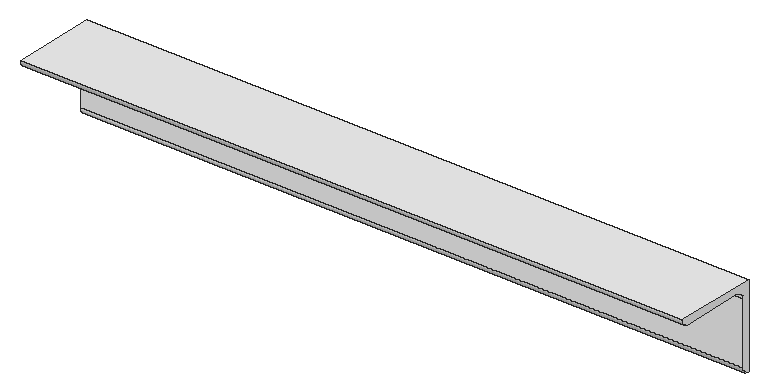
Revit family "Ângulos iguais em L", category Quadro estrutural, Revit 2019
Family settings
  Arredondamento do comprimento do framing estrutural = 1 mm
  Forma do corte = Não definido
  Material para o comportamento do modelo = Aço
  Exportar sempre como geometria = Não
  Sempre na vertical = Sim
  Corte com vazios quando carregada = Não
  Representação simbólica = Das configurações de projeto
  Compartilhado = Não
  Exibir o pré-corte da família na vista da planta = Sim
Parameters (values of type "L152X152X12.7")
  W = 0.0292
  Structural Material [instance] = Metal - Aço 345 MPa
  Length [instance] = 1524 mm
  b = 152 mm
  d = 152 mm
  t = 12.7 mm
  x = 42.7 mm
  y = 42.7 mm
  A = 0.004 m²
Reference planes
  plane 1 "Centro (Frente/Trás)": y = 0
  plane 2: z = 0
  plane 3 "Centro (Esquerda/Direita)": x = 4.61
  plane 4 "Membro esquerdo": x = -604.99
  plane 5 "Membro direito": x = 614.21
  plane 6: y = 42.7
  plane 7: y = -109.3
  plane 8 "Superior": z = 42.7
  plane 9: z = -109.3
  plane 10 "Esquerda": x = -757.39
  plane 11 "Direita": x = 766.61
Forms (mm)
  Sweep 1, solid, material "Metal - Aço 345 MPa" <- "Structural Material", detail levels medium
    path origin (0, 0, 0) x (1, 0, 0) y (0, 1, 0)
      loop
        line (614.21, 0) -> (-604.99, 0)
    profile "Ângulo L-Perfil-Médio : Ângulo L-Perfil-Médio" origin (4.61, 0, 0) x (0, -1, 0) y (0, 0, 1)
      loop
        line (-42.7, -109.3) -> (-30, -109.3) -> (-30, 30) -> (109.3, 30) -> (109.3, 42.7) -> (-42.7, 42.7) -> (-42.7, -109.3)
  Sweep 2, solid, material "Metal - Aço 345 MPa" <- "Structural Material", detail levels fine
    path origin (0, 0, 0) x (1, 0, 0) y (0, 1, 0)
      loop
        line (614.21, 0) -> (-604.99, 0)
    profile "Perfil-Ângulo-L-Alto : Perfil-Ângulo-L-Alto" origin (4.61, 0, 0) x (0, -1, 0) y (0, 0, 1)
      loop
        arc (-42.7, -109.3) -> (-33.72, -105.58) -> (-30, -96.6) r 12.7
        line (-30, -96.6) -> (-30, 17.3)
        arc (-30, 17.3) -> (-26.28, 26.28) -> (-17.3, 30) r 12.7
        line (-17.3, 30) -> (96.6, 30)
        arc (96.6, 30) -> (105.58, 33.72) -> (109.3, 42.7) r 12.7
        line (109.3, 42.7) -> (-42.7, 42.7) -> (-42.7, -109.3)
Lines and regions (mm)
  symbolic lines, style "Faces ocultas", detail levels medium+fine
    curve 1: line (-604.99, 0, 30) -> (614.21, 0, 30)
    curve 2: line (-604.99, 30, 0) -> (614.21, 30, 0)
  symbolic lines, style "Símbolos de vara", detail levels coarse
    curve 3: line (4.61, 42.7, 42.7) -> (4.61, -109.3, 42.7)
    curve 4: line (4.61, 42.7, -109.3) -> (4.61, 42.7, 42.7)
Dimensions and locks
  "b": plane 6 to plane 7
  "d": plane 9 to plane 8 "Superior"
  "x": plane 6 to plane 1 "Centro (Frente/Trás)"
  "y": plane 8 "Superior" to plane 2
  "Length": plane 10 "Esquerda" to plane 11 "Direita"
  "t": plane 6 to curve 2
  aligned and locked: Sweep 1 sketch curve to plane 1 "Centro (Frente/Trás)"
  aligned and locked: Sweep 2 sketch curve to plane 1 "Centro (Frente/Trás)"
  aligned and locked: Sweep 1 to curve 3
  aligned and locked: curve 4 to Sweep 1
  aligned and locked: curve 3 to Sweep 2
  aligned and locked: curve 4 to Sweep 2
  aligned and locked: curve 1 to Sweep 1
  aligned and locked: plane 4 "Membro esquerdo" to Sweep 1 sketch curve
  aligned and locked: plane 5 "Membro direito" to Sweep 1 sketch curve
  aligned and locked: plane 4 "Membro esquerdo" to Sweep 2 sketch curve
  aligned and locked: plane 5 "Membro direito" to Sweep 2 sketch curve
  aligned and locked: plane 4 "Membro esquerdo" to curve 1
  aligned and locked: plane 5 "Membro direito" to curve 1
  aligned and locked: plane 4 "Membro esquerdo" to curve 2
  aligned and locked: plane 5 "Membro direito" to curve 2
Types in the file's own list only (57): name | W | b | d | t | x | y | A
  L64x64x6.4 | 0.0061 | 64 mm | 64 mm | 6 mm | 18 mm | 18 mm | 0.00 m²
  L64x64x7.9 | 0.0074 | 64 mm | 64 mm | 8 mm | 19 mm | 19 mm | 0.00 m²
  L64x64x9.5 | 0.0088 | 64 mm | 64 mm | 10 mm | 19 mm | 19 mm | 0.00 m²
  L76x76x11.1 | 0.0091 | 76 mm | 76 mm | 11 mm | 22 mm | 22 mm | 0.00 m²
  L76x76x12.7 | 0.0107 | 76 mm | 76 mm | 13 mm | 23 mm | 23 mm | 0.00 m²
  L76x76x14.3 | 0.0124 | 76 mm | 76 mm | 14 mm | 23 mm | 23 mm | 0.00 m²
  L76x76x15.9 | 0.014 | 76 mm | 76 mm | 16 mm | 24 mm | 24 mm | 0.00 m²
  L102x102x9.5 | 0.0146 | 102 mm | 102 mm | 10 mm | 29 mm | 29 mm | 0.00 m²
  L102x102x11.1 | 0.0168 | 102 mm | 102 mm | 11 mm | 30 mm | 30 mm | 0.00 m²
  L102x102x12.7 | 0.0191 | 102 mm | 102 mm | 13 mm | 30 mm | 30 mm | 0.00 m²
  L102x102x14.3 | 0.0213 | 102 mm | 102 mm | 14 mm | 31 mm | 31 mm | 0.00 m²
  L102x102x15.9 | 0.0234 | 102 mm | 102 mm | 16 mm | 31 mm | 31 mm | 0.00 m²
  L127x127x12.7 | 0.0241 | 127 mm | 127 mm | 13 mm | 36 mm | 36 mm | 0.00 m²
  L127x127x14.3 | 0.0269 | 127 mm | 127 mm | 14 mm | 37 mm | 37 mm | 0.00 m²
  L127x127x15.9 | 0.0298 | 127 mm | 127 mm | 16 mm | 38 mm | 38 mm | 0.00 m²
  L127x127x17.5 | 0.0324 | 127 mm | 127 mm | 18 mm | 38 mm | 38 mm | 0.00 m²
  L127x127x19.1 | 0.0351 | 127 mm | 127 mm | 19 mm | 39 mm | 39 mm | 0.00 m²
  L152x152x9.5 | 0.0222 | 152 mm | 152 mm | 10 mm | 42 mm | 42 mm | 0.00 m²
  L152x152x11.1 | 0.0256 | 152 mm | 152 mm | 11 mm | 42 mm | 42 mm | 0.00 m²
  L152x152x14.3 | 0.0326 | 152 mm | 152 mm | 14 mm | 43 mm | 43 mm | 0.00 m²
  L152x152x15.9 | 0.036 | 152 mm | 152 mm | 16 mm | 44 mm | 44 mm | 0.00 m²
  L152x152x17.5 | 0.0394 | 152 mm | 152 mm | 18 mm | 45 mm | 45 mm | 0.01 m²
  L152x152x19.1 | 0.0427 | 152 mm | 152 mm | 19 mm | 45 mm | 45 mm | 0.01 m²
  L152x152x20.6 | 0.0461 | 152 mm | 152 mm | 21 mm | 46 mm | 46 mm | 0.01 m²
  L152x152x22.2 | 0.0493 | 152 mm | 152 mm | 22 mm | 46 mm | 46 mm | 0.01 m²
  L203x203x12.7 | 0.0393 | 203 mm | 203 mm | 13 mm | 56 mm | 56 mm | 0.01 m²
  L203x203x14.3 | 0.0444 | 203 mm | 203 mm | 14 mm | 56 mm | 56 mm | 0.01 m²
  L203x203x15.9 | 0.0487 | 203 mm | 203 mm | 16 mm | 57 mm | 57 mm | 0.01 m²
  L203x203x17.5 | 0.0533 | 203 mm | 203 mm | 18 mm | 57 mm | 57 mm | 0.01 m²
  L203x203x19.1 | 0.0579 | 203 mm | 203 mm | 19 mm | 58 mm | 58 mm | 0.01 m²
  L203x203x20.6 | 0.0625 | 203 mm | 203 mm | 21 mm | 58 mm | 58 mm | 0.01 m²
  L203x203x22.2 | 0.067 | 203 mm | 203 mm | 22 mm | 59 mm | 59 mm | 0.01 m²
  L203x203x23.8 | 0.0716 | 203 mm | 203 mm | 24 mm | 59 mm | 59 mm | 0.01 m²
  L203x203x25.4 | 0.0759 | 203 mm | 203 mm | 25 mm | 60 mm | 60 mm | 0.01 m²
  L16x16x3.2 | 0.00071 | 16 mm | 16 mm | 3 mm | 5 mm | 5 mm | 0.00 m²
  L19x19x3.2 | 0.00088 | 19 mm | 19 mm | 3 mm | 6 mm | 6 mm | 0.00 m²
  L22X22x3.2 | 0.00104 | 22 mm | 22 mm | 3 mm | 7 mm | 7 mm | 0.00 m²
  L25X25x3.2 | 0.00119 | 25 mm | 25 mm | 3 mm | 8 mm | 8 mm | 0.00 m²
  L25X25x4.8 | 0.00173 | 25 mm | 25 mm | 5 mm | 8 mm | 8 mm | 0.00 m²
  L25X25x6.4 | 0.00221 | 25 mm | 25 mm | 6 mm | 9 mm | 9 mm | 0.00 m²
  L32X32x3.2 | 0.0015 | 32 mm | 32 mm | 3 mm | 9 mm | 9 mm | 0.00 m²
  L32X32x4.8 | 0.0022 | 32 mm | 32 mm | 5 mm | 10 mm | 10 mm | 0.00 m²
  L32X32x6.4 | 0.00286 | 32 mm | 32 mm | 6 mm | 10 mm | 10 mm | 0.00 m²
  L38X38x3.2 | 0.00183 | 38 mm | 38 mm | 3 mm | 11 mm | 11 mm | 0.00 m²
  L38X38x4.8 | 0.00268 | 38 mm | 38 mm | 5 mm | 11 mm | 11 mm | 0.00 m²
  L38X38x6.4 | 0.00348 | 38 mm | 38 mm | 6 mm | 12 mm | 12 mm | 0.00 m²
  L38X38x7.9 | 0.00426 | 38 mm | 38 mm | 8 mm | 12 mm | 12 mm | 0.00 m²
  L44X44x3.2 | 0.00214 | 44 mm | 44 mm | 3 mm | 12 mm | 12 mm | 0.00 m²
  L44X44x4.8 | 0.00315 | 44 mm | 44 mm | 5 mm | 13 mm | 13 mm | 0.00 m²
  L44X44x6.4 | 0.00412 | 44 mm | 44 mm | 6 mm | 13 mm | 13 mm | 0.00 m²
  L44X44x7.9 | 0.00505 | 44 mm | 44 mm | 8 mm | 14 mm | 14 mm | 0.00 m²
  L44X44x9.5 | 0.00594 | 44 mm | 44 mm | 10 mm | 15 mm | 15 mm | 0.00 m²
  L51X51x3.2 | 0.00246 | 51 mm | 51 mm | 3 mm | 14 mm | 14 mm | 0.00 m²
  L51X51x4.8 | 0.00363 | 51 mm | 51 mm | 5 mm | 14 mm | 14 mm | 0.00 m²
  L51X51x6.4 | 0.00476 | 51 mm | 51 mm | 6 mm | 15 mm | 15 mm | 0.00 m²
  L51X51x7.9 | 0.00583 | 51 mm | 51 mm | 8 mm | 15 mm | 15 mm | 0.00 m²
  L51X51x9.5 | 0.00699 | 51 mm | 51 mm | 10 mm | 16 mm | 16 mm | 0.00 m²
